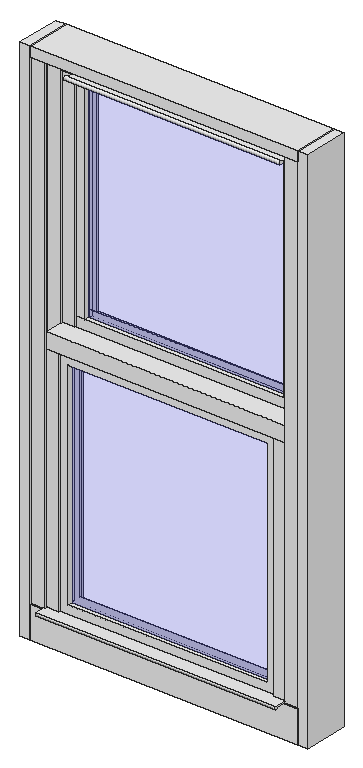
Revit family "Window-Single_&_Double_Hung-Kawneer-8450TL", category Windows, host Wall, Revit 2015 (continued)
Definition of nested family "Panel-Double_Hung-Kawneer-wo_Muntins-8450TL"
  Definition of nested family "Sash-Bottom_Hung-Kawneer-wo_Muntins-8450TL"
    Dimensions and locks (in)
      aligned and locked: Masking region 14 sketch curve to plane 11 "Glass Interior"
      aligned and locked: plane 29 "Window Holder Top Top" to Masking region 14 sketch curve
      aligned and locked: Masking region 1 sketch curve to plane 20 "Insert Left"
      aligned and locked: Masking region 1 sketch curve to plane 21 "Insert Right"
      aligned and locked: Masking region 15 sketch curve to plane 18 "Horizontal Left Edge"
      aligned and locked: Masking region 15 sketch curve to plane 8 "Top"  (x2)
      aligned and locked: plane 20 "Insert Left" to Masking region 15 sketch curve
      aligned and locked: plane 2 "Bottom" to Masking region 15 sketch curve  (x2)
      aligned and locked: plane 21 "Insert Right" to Masking region 15 sketch curve
      aligned and locked: plane 19 "Horizontal Right Edge" to Masking region 15 sketch curve
    Automatic sketch dimensions
      curve 2 to plane 15 "Wedge Bottom" = 0' - 0"
      curve 2 to plane 22 "Insert Top" = 0' - 0"
      Masking region 6 sketch curve to plane 31 "Window Top Inside Top" = 0' - 0"
      Masking region 6 sketch curve to plane 32 "Window Top Lip" = 0' - 0"
      Masking region 7 sketch curve to plane 22 "Insert Top" = 0' - 0"
      Masking region 8 sketch curve to plane 30 "Window Top Top" = 0' - 0"
      Masking region 10 sketch curve to plane 3 "Center (Left/Right)" = 0' - 3 5/16"
      plane 10 "Glass Exterior" to Masking region 10 sketch curve = 0' - 0 1/16"  (x2)
      Masking region 10 sketch curve to Masking region 10 sketch curve = 0' - 0 7/32"  (x4)
      Masking region 10 sketch curve to Masking region 10 sketch curve = 0' - 0 3/16"  (x2)
      plane 3 "Center (Left/Right)" to Masking region 10 sketch curve = 0' - 2 11/16"
      curve 1 to plane 25 "Right Grip Edge" = 0' - 0"
      curve 1 to plane 24 "Left Grip Edge" = 0' - 0"
    Nested families (in)
      nested 1: "Window-Hung-Arrows" at (0, 0, 12) x (1, 0, 0) z (0, -1, 0), type "Up Arrow"
        with Width 1' - 10 3/8"
    Definition of nested family "Window-Hung-Arrows"
      Parameters
        Width = 2' - 2"
        Height = 2' - 0"
      Reference planes (in)
        plane 1 "Center (Front/Back)": y = 0
        plane 2: z = 0
        plane 3 "Center (Left/Right)": x = 0
        plane 4 "Top": y = 12
        plane 5 "Bottom": y = -12
        plane 6 "Left": x = -13
        plane 7 "Right": x = 13
        plane 8 "Arrow Left": x = -6
        plane 9 "Arrow Right": x = 6
        plane 10 "Arrow Top": y = 6
        plane 11 "Arrow Bottom": y = -6
      Lines and regions (in)
        detail lines, in view "Ref. Level"
          curve 1: line (0, 6, 0) -> (0, -6, 0)
          curve 2: line (0, 6, 0) -> (-6, 0, 0)
          curve 3: line (0, 6, 0) -> (6, 0, 0)
      Dimensions and locks (in)
        equal spacing: plane 6 "Left", plane 3 "Center (Left/Right)", plane 7 "Right"
        "Width": plane 6 "Left" to plane 7 "Right"
        equal spacing: plane 5 "Bottom", plane 1 "Center (Front/Back)", plane 4 "Top"
        "Height": plane 5 "Bottom" to plane 4 "Top"
        locked: plane 4 "Top" to plane 10 "Arrow Top" at 6
        locked: plane 11 "Arrow Bottom" to plane 5 "Bottom" at 6
        locked: plane 6 "Left" to plane 8 "Arrow Left" at 7
        locked: plane 9 "Arrow Right" to plane 7 "Right" at 7
        aligned and locked: plane 10 "Arrow Top" to curve 3
        aligned and locked: plane 1 "Center (Front/Back)" to curve 3
        aligned and locked: plane 9 "Arrow Right" to curve 3
        aligned and locked: plane 3 "Center (Left/Right)" to curve 2
        aligned and locked: plane 1 "Center (Front/Back)" to curve 2
        aligned and locked: plane 8 "Arrow Left" to curve 2
      Automatic sketch dimensions
        curve 1 to plane 11 "Arrow Bottom" = 0' - 0"
Definition of nested family "Frame-Double_Hung-Kawneer-8450TL"
  Parameters
    Width [instance] = 2' - 2"
    URL = "http://www.kawneer.com/kawneer/north_america/en/home.asp"
    Sill Top [instance] = if([10 lbs Sill], 0' 2 29/32", 0' 4")  # 0' - 2 29/32"
    Muntin Visibility [instance] = yes
    Muntin Not Visible [instance] = not(Muntin Visibility)  # no
    Model = "8450TL Double Hung Window"
    Manufacturer = "Kawneer Company, Inc."
    Keynote = ""
    Height [instance] = 4' - 0"
    Glazing Material [instance] = none
    Frame Material [instance] = none
    Frame Finish [instance] = none
    Depth = 0' - 4"  # constant formula
    Assembly Code = ""
    15 lbs Sill [instance] = not([10 lbs Sill])  # no
    10 lbs Sill [instance] = yes
  Reference planes (in)
    plane 1 "Center (Front/Back)": y = 0.17187
    plane 2 "Bottom": z = 0
    plane 3 "Center (Left/Right)": x = 0
    plane 4 "Back": y = 2.17187
    plane 5 "Left": x = -13
    plane 6 "Right": x = 13
    plane 7 "L-Clip Bottom": y = -2.17188
    plane 8 "Top": z = 48
    plane 9 "Top Horizontal Frame": z = 47.0625
    plane 10 "Outside Frame Edge Left": x = -12.09375
    plane 11 "Outside Edge Frame Right": x = 12.09375
    plane 12 "Front": y = -1.82813
    plane 13 "Top Glass Frame Left": x = -9.75
    plane 14 "Top Glass Frame Right": x = 9.75
    plane 15 "Sill Back Left": x = -10.8125
    plane 16 "Back Sill Right": x = 10.8125
    plane 17 "Glass Left": x = -9.5
    plane 18 "Glass Right": x = 9.5
    plane 19 "Angle Point": z = 0.5625
    plane 20 "Middle Divider Bottom": z = 1.96875
    plane 21 "Hung Window Left": x = -11.1875
    plane 22 "Hung Window Right": x = 11.1875
    plane 23 "Single Hung Window Bottom": z = 1.59375
    plane 24 "Muntin Top": z = 46.3125
    plane 25 "Muntin Left": x = -9
    plane 26 "Muntin Right": x = 9
    plane 27 "Sill Back Top": z = 2.90625
    plane 28 "Sill Center Lip": z = 1.125
    plane 29 "Sill Bottom Lip": z = 0.46875
    plane 30 "Sill Corner": z = 0.65625
    plane 31 "Inside Frame Left": x = -10.53125
    plane 32 "Inside Frame Right": x = 10.53125
    plane 33 "Sill Inside Left": y = 1.92187
    plane 34 "Sill Insert Front": y = -0.57813
    plane 35 "Sill Front Face Inset": y = -0.51563
    plane 36 "Sill Front Face": y = -0.01563
    plane 37 "Sill Back Face": y = 0.26562
    plane 38 "L-Clip Left": x = -11.53125
    plane 39 "L-Clip Inside Left": x = -11.46875
    plane 40 "L-Clip Front Left": x = -10.9063
    plane 41 "L-Clip Inside Bottom": y = -2.10938
    plane 42 "L-Clip Right": x = 11.53125
    plane 43 "L-Clip Inside Right": x = 11.46875
    plane 44 "L-Clip Front Right": x = 10.9063
    plane 45 "Top Window Top": z = 46.75
    plane 46 "Clip Top": y = 2.10937
    plane 47 "Clip Bottom": y = -1.76563
    plane 48 "Top Window": y = -1.67188
    plane 49 "Top Window Frame Bottom": z = 45.6875
    plane 50 "Top Window Frame Right Side": y = 0.35937
    plane 51 "Middle Vertical Slot": y = 0.20312
    plane 52 "Glass Bottom": y = 0.82812
    plane 53 "Glass Top": y = 1.57812
    plane 54 "Frame Inside Top": y = 2.01562
    plane 55 "Window Frame": y = 1.76562
    plane 56 "Top Panel Frame Top": z = 45.37569
    plane 57 "Top Panel Inside Frame Top": z = 44.62569
    plane 58 "Top Panel Frame Bottom": z = 25.23438
    plane 59 "Top Panel Inside Frame Bottom": z = 25.99219
    plane 60 "Bottom Panel Inside Frame Top": z = 23.10937
    plane 61 "Bottom Panel Frame Top": z = 23.42188
    plane 62 "Bottom Panel Inside Frame Bottom": z = 3.50069
    plane 63 "Glass Front wo Muntins": y = 0.39141
    plane 64 "Glass Back wo Muntins": y = 1.39062
    plane 65: z = 24.17188
  Forms (in)
    Sweep 1, solid, material <- "Frame Finish", detail levels medium+fine
      path origin (0, 0.17187, 0) x (1, 0, 0) y (0, 0, 1)
        loop
          line (-12.09375, 48) -> (12.09375, 48)
      profile "Jamb-8430TL-Kawneer : Left Jamb" origin (0, 0.17187, 48) x (0, 0, 1) y (0, -1, 0)
        loop
          line (0, 2) -> (-0.90625, 2) -> (-0.90625, -2) -> (0, -2) -> (0, 2)
    Sweep 2, solid, material <- "Frame Finish", visible <- "10 lbs Sill", detail levels fine
      path origin (0, 0.17187, 0) x (1, 0, 0) y (0, 0, 1)
        loop
          line (-12.09375, 0) -> (12.09375, 0)
      profile "Sill-8430TL-Kawneer-10lb : Sill Front" origin (0, 0.17187, 0) x (0, 0, 1) y (0, -1, 0)
        loop
          line (0, 2) -> (0, -2) -> (2.90625, -2) -> (2.90625, -1.75) -> (1.59375, -1.75) -> (1.59375, 0) -> (1.96875, 0) -> (1.96875, 0.1875) -> (1.59375, 0.1875) -> (1.59375, 0.75) -> (1.125, 0.75) -> (1.125, 0.6875) -> (0.65625, 0.6875) -> (0.5625, 1.625) -> (0.5625, 1.9375) -> (0.46875, 1.9375) -> (0.46875, 2) -> (0, 2)
    Sweep 3, solid, material <- "Frame Finish", detail levels medium+fine
      path origin (0, 0.17187, 0) x (1, 0, 0) y (0, 0, 1)
        loop
          line (-13, 48) -> (-13, 0)
      profile "Jamb-8430TL-Kawneer : Left Jamb" origin (-13, 0.17187, 24) x (1, 0, 0) y (0, -1, 0)
        loop
          line (0, -2) -> (0.90625, -2) -> (0.90625, 2) -> (0, 2) -> (0, -2)
    Sweep 4, solid, material <- "Frame Finish", detail levels medium+fine
      path origin (0, 0.17187, 0) x (1, 0, 0) y (0, 0, 1)
        loop
          line (13, 48) -> (13, 0)
      profile "Jamb-8430TL-Kawneer : Left Jamb" origin (13, 0.17187, 24) x (1, 0, 0) y (0, -1, 0)
        loop
          line (0, -2) -> (0, 2) -> (-0.90625, 2) -> (-0.90625, -2) -> (0, -2)
    Sweep 5, solid, material <- "Frame Finish", detail levels medium+fine
      path origin (0, 0.17187, 0) x (1, 0, 0) y (0, 0, 1)
        loop
          line (-12.09375, 47.0625) -> (-12.09375, 0.5625)
      profile "Left Jamb Interior Front : Left Jamb Interior Front" origin (-12.09375, 0.17187, 23.8125) x (1, 0, 0) y (0, -1, 0)
        loop
          line (0, 1.9375) -> (0, 1.84375) -> (1.5625, 1.84375) -> (1.5625, 1.9375) -> (0, 1.9375)
    Sweep 6, solid, material <- "Frame Finish", detail levels medium+fine
      path origin (0, 0.17187, 0) x (-1, 0, 0) y (0, 0, 1)
        loop
          line (-12.09375, 47.0625) -> (-12.09375, 0.5625)
      profile "Left Jamb Interior Front : Left Jamb Interior Front" origin (12.09375, 0.17187, 23.8125) x (1, 0, 0) y (0, -1, 0)
        loop
          line (0, 1.9375) -> (-1.5625, 1.9375) -> (-1.5625, 1.84375) -> (0, 1.84375) -> (0, 1.9375)
    Sweep 7, solid, material <- "Frame Finish", detail levels fine
      path origin (0, 0.17187, 0) x (1, 0, 0) y (0, 0, 1)
        loop
          line (-12.09375, 47.0625) -> (-12.09375, 2.90625)
      profile "Left Jamb Interior : Left Jamb Interior" origin (-12.09375, 0.17187, 24.98438) x (1, 0, 0) y (0, -1, 0)
        loop
          line (0, -1.9375) -> (1.28125, -1.9375) -> (1.28125, -1.84375) -> (0, -1.84375) -> (0, -1.9375)
    Sweep 8, solid, material <- "Frame Finish", detail levels fine
      path origin (0, 0.20312, 0) x (-1, 0, 0) y (0, 0, 1)
        loop
          line (12.09375, 47.0625) -> (12.09375, 1.96875)
      profile "Left Jamb Interior : Left Jamb Interior" origin (-12.09375, 0.20312, 24.51563) x (-1, 0, 0) y (0, 1, 0)
        loop
          line (-1.28125, -0.03125) -> (0, -0.03125) -> (0, 0.0625) -> (-1.28125, 0.0625) -> (-1.28125, -0.03125)
    Sweep 9, solid, material <- "Frame Finish", detail levels fine
      path origin (0, 0.20312, 0) x (-1, 0, 0) y (0, 0, 1)
        loop
          line (-12.09375, 47.0625) -> (-12.09375, 1.96875)
      profile "Left Jamb Interior : Left Jamb Interior" origin (12.09375, 0.20312, 24.51563) x (-1, 0, 0) y (0, 1, 0)
        loop
          line (1.28125, -0.03125) -> (1.28125, 0.0625) -> (0, 0.0625) -> (0, -0.03125) -> (1.28125, -0.03125)
    Sweep 10, solid, material <- "Frame Finish", detail levels fine
      path origin (0, 0.17187, 0) x (-1, 0, 0) y (0, 0, 1)
        loop
          line (-12.09375, 47.0625) -> (-12.09375, 2.90625)
      profile "Left Jamb Interior : Left Jamb Interior" origin (12.09375, 0.17187, 24.98438) x (1, 0, 0) y (0, -1, 0)
        loop
          line (0, -1.9375) -> (0, -1.84375) -> (-1.28125, -1.84375) -> (-1.28125, -1.9375) -> (0, -1.9375)
    Extrusion 11, solid, material <- "Frame Finish", detail levels fine
      sketch origin (0, 0, 0) x (1, 0, 0) y (0, 1, 0)
        loop
          line (-11.53125, -1.76563) -> (-11.53125, -2.14063)
          arc (-11.53125, -2.14063) -> (-11.5221, -2.16272) -> (-11.5, -2.17188) r 0.03125
          line (-11.5, -2.17188) -> (-10.9375, -2.17188)
          arc (-10.9375, -2.17188) -> (-10.90625, -2.14063) -> (-10.9375, -2.10938) r 0.03125
          line (-10.9375, -2.10938) -> (-11.46875, -2.10938) -> (-11.46875, -1.76563) -> (-11.53125, -1.76563)
        loop
          line (11.53125, -1.76563) -> (11.46875, -1.76563) -> (11.46875, -2.10938) -> (10.9375, -2.10938)
          arc (10.9375, -2.10938) -> (10.90625, -2.14063) -> (10.9375, -2.17188) r 0.03125
          line (10.9375, -2.17188) -> (11.5, -2.17188)
          arc (11.5, -2.17188) -> (11.5221, -2.16272) -> (11.53125, -2.14063) r 0.03125
          line (11.53125, -2.14063) -> (11.53125, -1.76563)
      from 0.46875 to 47.0625
    Sweep 12, solid, material <- "Frame Finish", detail levels fine
      path origin (0, 0.17187, 0) x (1, 0, 0) y (0, 0, 1)
        loop
          line (10.8125, 47.0625) -> (-10.8125, 47.0625)
      profile origin (0, 0.17187, 47.0625) x (0, 0, -1) y (0, -1, 0)
        loop
          line (0, 0) -> (0, -0.09375) -> (1.375, -0.09375) -> (1.375, 0) -> (0, 0)
    Sweep 13, solid, material <- "Frame Finish", detail levels medium+fine
      path origin (0, 0.17187, 0) x (1, 0, 0) y (0, 0, 1)
        loop
          line (10.53125, 47.0625) -> (-10.53125, 47.0625)
      profile origin (0, 0.17187, 47.0625) x (0, 0, -1) y (0, -1, 0)
        loop
          line (0, 1.84375) -> (0.75, 1.84375) -> (0.75, 1.9375) -> (0, 1.9375) -> (0, 1.84375)
    Sweep 14, solid, material <- "Frame Finish", visible <- "15 lbs Sill", detail levels fine
      path origin (0, 0.17187, 0) x (1, 0, 0) y (0, 0, 1)
        loop
          line (-12.09375, 0) -> (12.09375, 0)
      profile "Sill-8430TL-Kawneer-15lb : Sill Front" origin (0, 0.17187, 0) x (0, 0, 1) y (0, -1, 0)
        loop
          line (0, 2) -> (0, -2) -> (4, -2) -> (4, -1.75) -> (2.6875, -1.75) -> (2.6875, 0) -> (3.0625, 0) -> (3.0625, 0.1875) -> (2.6875, 0.1875) -> (2.6875, 0.75) -> (2.21875, 0.75) -> (2.21875, 0.6875) -> (0.6875, 0.6875) -> (0.5625, 1.625) -> (0.5625, 1.9375) -> (0.46875, 1.9375) -> (0.46875, 2) -> (0, 2)
    Sweep 15, solid, material <- "Frame Finish", detail levels medium
      path origin (0, 0.17187, 0) x (1, 0, 0) y (0, 0, 1)
        loop
          line (-12.09375, 0) -> (12.09375, 0)
      profile origin (0, 0.17187, 0) x (0, 0, 1) y (0, -1, 0)
        loop
          line (1.59375, 2) -> (0, 2) -> (0, -2) -> (1.59375, -2) -> (1.59375, 2)
    Extrusion 16, solid, material <- "Frame Finish", detail levels coarse
      sketch origin (0, 0.17187, 0) x (1, 0, 0) y (0, 0, 1)
        loop
          line (-13, 48) -> (-13, 0) -> (13, 0) -> (13, 48) -> (-13, 48)
        loop
          line (-11.1875, 46.3125) -> (-11.1875, 1.59375) -> (11.1875, 1.59375) -> (11.1875, 46.3125) -> (-11.1875, 46.3125)
      from -2 to 2
  Lines and regions (in)
    Masking region 1
      outline origin (0, 0, 0) x (1, 0, 0) y (0, 1, 0)
        loop
          line (-13, 2.17187) -> (-13, -1.82813) -> (-12.09375, -1.82813) -> (-12.09375, 2.17187) -> (-13, 2.17187)
        loop
          line (13, 2.17187) -> (12.09375, 2.17187) -> (12.09375, -1.82813) -> (13, -1.82813) -> (13, 2.17187)
    Masking region 2, detail levels medium+fine
      outline origin (0, -1.82813, 0) x (-1, 0, 0) y (0, 0, 1)
        loop
          line (12.09375, 47.0625) -> (10.53125, 47.0625) -> (10.53125, 0.5625) -> (12.09375, 0.5625) -> (12.09375, 47.0625)
        loop
          line (-12.09375, 47.0625) -> (-12.09375, 0.5625) -> (-10.53125, 0.5625) -> (-10.53125, 47.0625) -> (-12.09375, 47.0625)
    Masking region 3, detail levels fine
      outline origin (0, -1.82813, 0) x (-1, 0, 0) y (0, 0, 1)
        loop
          line (10.53125, 47.0625) -> (9.75, 47.0625) -> (9.75, 1.59375) -> (10.53125, 1.59375) -> (10.53125, 47.0625)
        loop
          line (-10.53125, 47.0625) -> (-10.53125, 1.59375) -> (-9.75, 1.59375) -> (-9.75, 47.0625) -> (-10.53125, 47.0625)
    Masking region 4, detail levels medium+fine
      outline origin (0, -2.17188, 0) x (-1, 0, 0) y (0, 0, 1)
        loop
          line (13, 48) -> (12.09375, 48) -> (12.09375, 0) -> (13, 0) -> (13, 48)
        loop
          line (-13, 48) -> (-13, 0) -> (-12.09375, 0) -> (-12.09375, 48) -> (-13, 48)
    Masking region 5, detail levels medium+fine
      outline origin (0, -2.17188, 0) x (-1, 0, 0) y (0, 0, 1)
        loop
          line (12.09375, 48) -> (-12.09375, 48) -> (-12.09375, 47.0625) -> (12.09375, 47.0625) -> (12.09375, 48)
    Masking region 6
      outline origin (0, 0, 2.90625) x (-1, 0, 0) y (0, -1, 0)
        loop
          line (13, -2.17188) -> (13, 1.82812) -> (-13, 1.82812) -> (-13, -2.17188) -> (13, -2.17188)
    Masking region 7, detail levels fine
      outline origin (0, 0, 0) x (0, 1, 0) y (0, 0, 1)
        loop
          line (2.17187, 2.90625) -> (1.92187, 2.90625) -> (1.92187, 1.59375) -> (0.17187, 1.59375) -> (0.17187, 1.96875) -> (-0.01563, 1.96875) -> (-0.01563, 1.59375) -> (-0.57813, 1.59375) -> (-0.57813, 1.125) -> (-0.51563, 1.125) -> (-0.51562, 0.65625) -> (-1.45313, 0.5625) -> (-1.76563, 0.5625) -> (-1.76563, 0.46875) -> (-1.82813, 0.46875) -> (-1.82813, 0) -> (2.17187, 0) -> (2.17187, 2.90625)
    Masking region 8
      outline origin (0, 0, 0) x (0, 1, 0) y (0, 0, 1)
        loop
          line (2.17187, 48) -> (-1.82813, 48) -> (-1.82813, 0) -> (2.17187, 0) -> (2.17187, 48)
    Masking region 9
      outline origin (0, 0, 0) x (0, 1, 0) y (0, 0, 1)
        loop
          line (2.17187, 48) -> (-1.82813, 48) -> (-1.82813, 47.0625) -> (2.17187, 47.0625) -> (2.17187, 48)
    Masking region 10, visible <- "Muntin Visibility", detail levels fine
      outline origin (0, 0, 0) x (1, 0, 0) y (0, 1, 0)
        loop
          line (-12.09375, 2.01562) -> (-12.09375, 0.17187) -> (-10.8125, 0.17187) -> (-10.8125, 0.26562) -> (-9, 0.26562) -> (-9, 0.82812) -> (-9.5, 0.82812) -> (-9.5, 1.57812) -> (-9, 1.57812) -> (-9, 1.76562) -> (-9.75, 1.76562) -> (-9.75, 1.92187) -> (-10.8125, 1.92187) -> (-10.8125, 2.01562) -> (-12.09375, 2.01562)
        loop
          line (12.09375, 2.01562) -> (10.8125, 2.01562) -> (10.8125, 1.92187) -> (9.75, 1.92187) -> (9.75, 1.76562) -> (9, 1.76562) -> (9, 1.57812) -> (9.5, 1.57812) -> (9.5, 0.82812) -> (9, 0.82812) -> (9, 0.26562) -> (10.8125, 0.26562) -> (10.8125, 0.17187) -> (12.09375, 0.17187) -> (12.09375, 2.01562)
    Masking region 11, detail levels medium+fine
      outline origin (0, -1.82813, 0) x (-1, 0, 0) y (0, 0, 1)
        loop
          line (12.09375, 0.5625) -> (-12.09375, 0.5625) -> (-12.09375, 0) -> (12.09375, 0) -> (12.09375, 0.5625)
    Masking region 12, detail levels medium+fine
      outline origin (0, -1.82813, 0) x (-1, 0, 0) y (0, 0, 1)
        loop
          line (10.53125, 1.59375) -> (-10.53125, 1.59375) -> (-10.53125, 0.5625) -> (10.53125, 0.5625) -> (10.53125, 1.59375)
    Masking region 13, detail levels medium+fine
      outline origin (0, 2.17187, 0) x (-1, 0, 0) y (0, 0, 1)
        loop
          line (-12.09375, 1.96875) -> (-12.09375, 0) -> (12.09375, 0) -> (12.09375, 1.96875) -> (-12.09375, 1.96875)
    Masking region 14, detail levels fine
      outline origin (0, 2.17187, 0) x (-1, 0, 0) y (0, 0, 1)
        loop
          line (-12.09375, 1.96875) -> (-10.53125, 1.96875) -> (-10.53125, 47.0625) -> (-12.09375, 47.0625) -> (-12.09375, 1.96875)
        loop
          line (12.09375, 1.96875) -> (12.09375, 47.0625) -> (10.53125, 47.0625) -> (10.53125, 1.96875) -> (12.09375, 1.96875)
    Masking region 15, detail levels fine
      outline origin (0, 2.17187, 0) x (-1, 0, 0) y (0, 0, 1)
        loop
          line (-10.53125, 1.96875) -> (-9.75, 1.96875) -> (-9.75, 47.0625) -> (-10.53125, 47.0625) -> (-10.53125, 1.96875)
        loop
          line (10.53125, 1.96875) -> (10.53125, 47.0625) -> (9.75, 47.0625) -> (9.75, 1.96875) -> (10.53125, 1.96875)
    Masking region 16, detail levels medium
      outline origin (0, 0, 0) x (1, 0, 0) y (0, 1, 0)
        loop
          line (-12.09375, 2.01562) -> (-12.09375, 0.17187) -> (-10.8125, 0.17187) -> (-10.8125, 0.26562) -> (-9, 0.26562) -> (-9, 1.92187) -> (-9.75, 1.92187) -> (-10.8125, 1.92187) -> (-10.8125, 2.01562) -> (-12.09375, 2.01562)
        loop
          line (12.09375, 2.01562) -> (10.8125, 2.01562) -> (10.8125, 1.92187) -> (9.75, 1.92187) -> (9, 1.92187) -> (9, 0.26562) -> (10.8125, 0.26562) -> (10.8125, 0.17187) -> (12.09375, 0.17187) -> (12.09375, 2.01562)
    Masking region 17, detail levels fine
      outline origin (0, 0.17187, 0) x (1, 0, 0) y (0, 0, 1)
        loop
          line (-9.75, 47.0625) -> (-9.75, 46.75) -> (9.75, 46.75) -> (9.75, 47.0625) -> (-9.75, 47.0625)
    Masking region 18, detail levels coarse+medium
      outline origin (0, 0.17187, 0) x (1, 0, 0) y (0, 0, 1)
        loop
          line (-13, 48) -> (-13, 0) -> (13, 0) -> (13, 48) -> (-13, 48)
        loop
          line (-9, 44.625) -> (-9, 25.99219) -> (9, 25.99219) -> (9, 44.625) -> (-9, 44.625)
        loop
          line (-9, 23.10868) -> (-9, 3.50069) -> (9, 3.50069) -> (9, 23.10868) -> (-9, 23.10868)
    Masking region 19, detail levels coarse+medium
      outline origin (0, 0, 0) x (0, 1, 0) y (0, 0, 1)
        loop
          line (-1.82813, 1.59375) -> (-1.82813, 0) -> (2.17187, 0) -> (2.17187, 1.59375) -> (-1.82813, 1.59375)
    Masking region 20, detail levels medium
      outline origin (0, 0, 0) x (0, 1, 0) y (0, 0, 1)
        loop
          line (-1.67188, 25.23437) -> (-1.67188, 23.42187) -> (1.92187, 23.42187) -> (1.92187, 25.23437) -> (-1.67188, 25.23437)
    Masking region 21, detail levels medium
      outline origin (0, 0, 0) x (0, 1, 0) y (0, 0, 1)
        loop
          line (0.26562, 2.90625) -> (0.26562, 1.59375) -> (1.92187, 1.59375) -> (1.92187, 2.90625) -> (0.26562, 2.90625)
    Masking region 22, visible <- "Muntin Not Visible", detail levels fine
      outline origin (0, 0, 0) x (1, 0, 0) y (0, 1, 0)
        loop
          line (-12.09375, 1.92187) -> (-12.09375, 0.17187) -> (-10.8125, 0.17187) -> (-10.8125, 0.26562) -> (-9, 0.26562) -> (-9, 0.39141) -> (-9.5, 0.39141) -> (-9.5, 1.39062) -> (-9, 1.39062) -> (-9, 1.92187) -> (-12.09375, 1.92187)
        loop
          line (12.09375, 1.92187) -> (9, 1.92187) -> (9, 1.39062) -> (9.5, 1.39062) -> (9.5, 0.39141) -> (9, 0.39141) -> (9, 0.26562) -> (10.8125, 0.26562) -> (10.8125, 0.17187) -> (12.09375, 0.17187) -> (12.09375, 1.92187)
    symbolic lines, detail levels coarse
      curve 1: line (-12.09375, 0.17187, 0) -> (12.09375, 0.17187, 0)
      curve 4: line (0, 0.17187, 1.59375) -> (0, 0.17187, 47.0625)
    symbolic lines, detail levels medium
      curve 2: line (0, -0.57813, 45.6875) -> (0, -0.57813, 25.23438)
      curve 3: line (0, 0.82812, 23.42188) -> (0, 0.82812, 2.90625)
    symbolic lines, detail levels coarse+medium
      curve 5: line (-9.5, 0.17187, 45.37569) -> (9.5, 0.17187, 45.37569)
      curve 6: line (-9.5, 0.17187, 25.23438) -> (-9.5, 0.17187, 45.37569)
      curve 7: line (9.5, 0.17187, 25.23438) -> (-9.5, 0.17187, 25.23438)
      curve 8: line (9.5, 0.17187, 45.37569) -> (9.5, 0.17187, 25.23438)
      curve 9: line (-9.5, 0.17187, 23.42188) -> (9.5, 0.17187, 23.42188)
      curve 10: line (-9.5, 0.17187, 2.90625) -> (-9.5, 0.17187, 23.42188)
      curve 11: line (9.5, 0.17187, 2.90625) -> (-9.5, 0.17187, 2.90625)
      curve 12: line (9.5, 0.17187, 23.42188) -> (9.5, 0.17187, 2.90625)
  Dimensions and locks (in)
    equal spacing: plane 4 "Back", plane 1 "Center (Front/Back)", plane 12 "Front"
    "Height": plane 8 "Top" to plane 2 "Bottom"
    locked: plane 18 "Glass Right" to plane 14 "Top Glass Frame Right" at 0.25
    locked: plane 26 "Muntin Right" to plane 18 "Glass Right" at 0.5
    "Depth": plane 4 "Back" to plane 12 "Front"
    locked: plane 9 "Top Horizontal Frame" to plane 45 "Top Window Top" at 0.3125
    locked: plane 8 "Top" to plane 9 "Top Horizontal Frame" at 0.9375
    locked: plane 45 "Top Window Top" to plane 24 "Muntin Top" at 0.4375
    locked: plane 29 "Sill Bottom Lip" to plane 2 "Bottom" at 0.46875
    plane 19 "Angle Point" to plane 29 "Sill Bottom Lip" = 0' - 0 3/32"
    locked: plane 30 "Sill Corner" to plane 19 "Angle Point" at 0.09375
    "Width": plane 5 "Left" to plane 6 "Right"
    locked: plane 14 "Top Glass Frame Right" to plane 32 "Inside Frame Right" at 0.78125
    locked: plane 32 "Inside Frame Right" to plane 16 "Back Sill Right" at 0.28125
    locked: plane 16 "Back Sill Right" to plane 44 "L-Clip Front Right" at 0.0938
    locked: plane 44 "L-Clip Front Right" to plane 22 "Hung Window Right" at 0.2812
    locked: plane 43 "L-Clip Inside Right" to plane 22 "Hung Window Right" at 0.28125
    locked: plane 43 "L-Clip Inside Right" to plane 42 "L-Clip Right" at 0.0625
    locked: plane 42 "L-Clip Right" to plane 11 "Outside Edge Frame Right" at 0.5625
    locked: plane 10 "Outside Frame Edge Left" to plane 38 "L-Clip Left" at 0.5625
    locked: plane 38 "L-Clip Left" to plane 39 "L-Clip Inside Left" at 0.0625
    locked: plane 39 "L-Clip Inside Left" to plane 21 "Hung Window Left" at 0.28125
    locked: plane 21 "Hung Window Left" to plane 40 "L-Clip Front Left" at 0.2812
    locked: plane 40 "L-Clip Front Left" to plane 15 "Sill Back Left" at 0.0938
    locked: plane 15 "Sill Back Left" to plane 31 "Inside Frame Left" at 0.28125
    locked: plane 31 "Inside Frame Left" to plane 13 "Top Glass Frame Left" at 0.78125
    locked: plane 13 "Top Glass Frame Left" to plane 17 "Glass Left" at 0.25
    locked: plane 17 "Glass Left" to plane 25 "Muntin Left" at 0.5
    locked: plane 24 "Muntin Top" to plane 49 "Top Window Frame Bottom" at 0.625
    locked: plane 41 "L-Clip Inside Bottom" to plane 7 "L-Clip Bottom" at 0.0625
    locked: plane 12 "Front" to plane 41 "L-Clip Inside Bottom" at 0.28125
    locked: plane 47 "Clip Bottom" to plane 12 "Front" at 0.0625
    locked: plane 35 "Sill Front Face Inset" to plane 34 "Sill Insert Front" at 0.0625
    plane 36 "Sill Front Face" to plane 35 "Sill Front Face Inset" = 0' - 0 1/2"
    locked: plane 37 "Sill Back Face" to plane 51 "Middle Vertical Slot" at 0.0625
    locked: plane 50 "Top Window Frame Right Side" to plane 37 "Sill Back Face" at 0.09375
    locked: plane 33 "Sill Inside Left" to plane 50 "Top Window Frame Right Side" at 1.5625
    locked: plane 46 "Clip Top" to plane 33 "Sill Inside Left" at 0.1875
    locked: plane 4 "Back" to plane 46 "Clip Top" at 0.0625
    locked: plane 48 "Top Window" to plane 47 "Clip Bottom" at 0.09375
    locked: plane 34 "Sill Insert Front" to plane 48 "Top Window" at 1.09375
    "Sill Top": plane 27 "Sill Back Top" to plane 2 "Bottom"
    locked: plane 53 "Glass Top" to plane 52 "Glass Bottom" at 0.75
    locked: plane 54 "Frame Inside Top" to plane 33 "Sill Inside Left" at 0.09375
    locked: plane 54 "Frame Inside Top" to plane 55 "Window Frame" at 0.25
    locked: plane 59 "Top Panel Inside Frame Bottom" to plane 58 "Top Panel Frame Bottom" at 0.75781
    locked: plane 61 "Bottom Panel Frame Top" to plane 60 "Bottom Panel Inside Frame Top" at 0.3125
    locked: plane 56 "Top Panel Frame Top" to plane 57 "Top Panel Inside Frame Top" at 0.75
    locked: plane 62 "Bottom Panel Inside Frame Bottom" to plane 27 "Sill Back Top" at 0.59444
    locked: plane 4 "Back" to plane 64 "Glass Back wo Muntins" at 0.78125
    locked: plane 64 "Glass Back wo Muntins" to plane 63 "Glass Front wo Muntins" at 0.99922
    equal spacing: plane 6 "Right", plane 3 "Center (Left/Right)", plane 5 "Left"
    locked: plane 5 "Left" to plane 10 "Outside Frame Edge Left" at 0.90625
    locked: plane 11 "Outside Edge Frame Right" to plane 6 "Right" at 0.90625
    locked: plane 8 "Top" to plane 57 "Top Panel Inside Frame Top" at 3.37431
    equal spacing: plane 45 "Top Window Top", plane 65, plane 23 "Single Hung Window Bottom"
    locked: plane 58 "Top Panel Frame Bottom" to plane 65 at 1.0625
    locked: plane 65 to plane 61 "Bottom Panel Frame Top" at 0.75
    locked: plane 27 "Sill Back Top" to plane 20 "Middle Divider Bottom" at 0.9375
    locked: plane 20 "Middle Divider Bottom" to plane 23 "Single Hung Window Bottom" at 0.375
    locked: plane 23 "Single Hung Window Bottom" to plane 28 "Sill Center Lip" at 0.46875
    aligned and locked: level to plane 2 "Bottom"
    aligned and locked: Sweep 1 sketch curve to plane 8 "Top"
    aligned and locked: plane 10 "Outside Frame Edge Left" to Sweep 1 sketch curve
    aligned and locked: plane 11 "Outside Edge Frame Right" to Sweep 1 sketch curve
    aligned and locked: plane 10 "Outside Frame Edge Left" to Sweep 2 sketch curve
    aligned and locked: plane 11 "Outside Edge Frame Right" to Sweep 2 sketch curve
    aligned and locked: Sweep 2 sketch curve to plane 2 "Bottom"
    aligned and locked: plane 8 "Top" to Sweep 3 sketch curve
    aligned and locked: plane 2 "Bottom" to Sweep 3 sketch curve
    aligned and locked: plane 5 "Left" to Sweep 3 sketch curve
    aligned and locked: plane 8 "Top" to Sweep 4 sketch curve
    aligned and locked: plane 2 "Bottom" to Sweep 4 sketch curve
    aligned and locked: plane 6 "Right" to Sweep 4 sketch curve
    aligned and locked: plane 9 "Top Horizontal Frame" to Sweep 5 sketch curve
    aligned and locked: plane 19 "Angle Point" to Sweep 5 sketch curve
    aligned and locked: plane 10 "Outside Frame Edge Left" to Sweep 5 sketch curve
    aligned and locked: plane 19 "Angle Point" to Sweep 6 sketch curve
    aligned and locked: plane 9 "Top Horizontal Frame" to Sweep 6 sketch curve
    aligned and locked: plane 11 "Outside Edge Frame Right" to Sweep 6 sketch curve
    aligned and locked: plane 9 "Top Horizontal Frame" to Sweep 7 sketch curve
    aligned and locked: plane 10 "Outside Frame Edge Left" to Sweep 7 sketch curve
    aligned and locked: plane 9 "Top Horizontal Frame" to Sweep 8 sketch curve
    aligned and locked: plane 20 "Middle Divider Bottom" to Sweep 8 sketch curve
    aligned and locked: plane 10 "Outside Frame Edge Left" to Sweep 8 sketch curve
    aligned and locked: plane 9 "Top Horizontal Frame" to Sweep 9 sketch curve
    aligned and locked: plane 20 "Middle Divider Bottom" to Sweep 9 sketch curve
    aligned and locked: plane 11 "Outside Edge Frame Right" to Sweep 9 sketch curve
    aligned and locked: Masking region 1 sketch curve to plane 4 "Back"
    aligned and locked: Masking region 1 sketch curve to plane 5 "Left"
    aligned and locked: plane 10 "Outside Frame Edge Left" to Masking region 1 sketch curve
    aligned and locked: plane 12 "Front" to Masking region 1 sketch curve
    aligned and locked: plane 4 "Back" to Masking region 1 sketch curve
    aligned and locked: plane 11 "Outside Edge Frame Right" to Masking region 1 sketch curve
    aligned and locked: Masking region 1 sketch curve to plane 12 "Front"
    aligned and locked: Masking region 1 sketch curve to plane 6 "Right"
    aligned and locked: Masking region 2 sketch curve to plane 10 "Outside Frame Edge Left"
    aligned and locked: Masking region 2 sketch curve to plane 9 "Top Horizontal Frame"
    aligned and locked: plane 9 "Top Horizontal Frame" to Masking region 2 sketch curve
    aligned and locked: Masking region 2 sketch curve to plane 11 "Outside Edge Frame Right"
    aligned and locked: plane 31 "Inside Frame Left" to Masking region 2 sketch curve
    aligned and locked: plane 32 "Inside Frame Right" to Masking region 2 sketch curve
    aligned and locked: Masking region 3 sketch curve to plane 31 "Inside Frame Left"
    aligned and locked: plane 13 "Top Glass Frame Left" to Masking region 3 sketch curve
    aligned and locked: Masking region 3 sketch curve to plane 9 "Top Horizontal Frame"
    aligned and locked: plane 9 "Top Horizontal Frame" to Masking region 3 sketch curve
    aligned and locked: plane 14 "Top Glass Frame Right" to Masking region 3 sketch curve
    aligned and locked: Masking region 3 sketch curve to plane 32 "Inside Frame Right"
    aligned and locked: Masking region 4 sketch curve to plane 5 "Left"
    aligned and locked: plane 10 "Outside Frame Edge Left" to Masking region 4 sketch curve
    aligned and locked: plane 2 "Bottom" to Masking region 4 sketch curve
    aligned and locked: Masking region 4 sketch curve to plane 8 "Top"
    aligned and locked: plane 8 "Top" to Masking region 4 sketch curve
    aligned and locked: Masking region 4 sketch curve to plane 6 "Right"
    aligned and locked: plane 11 "Outside Edge Frame Right" to Masking region 4 sketch curve
    aligned and locked: Masking region 4 sketch curve to plane 2 "Bottom"
    aligned and locked: Masking region 5 sketch curve to plane 8 "Top"
    aligned and locked: plane 9 "Top Horizontal Frame" to Masking region 5 sketch curve
    aligned and locked: plane 11 "Outside Edge Frame Right" to Masking region 5 sketch curve
    aligned and locked: Masking region 5 sketch curve to plane 10 "Outside Frame Edge Left"
    aligned and locked: plane 27 "Sill Back Top" to Sweep 7 sketch curve
    aligned and locked: plane 27 "Sill Back Top" to Sweep 10 sketch curve
    aligned and locked: Masking region 6 sketch curve to Sweep 3  (x2)
    aligned and locked: Sweep 4 to Masking region 6 sketch curve
    aligned and locked: Masking region 6 sketch curve to Sweep 4
    aligned and locked: plane 2 "Bottom" to Masking region 7 sketch curve
    aligned and locked: plane 12 "Front" to Masking region 7 sketch curve
    aligned and locked: plane 29 "Sill Bottom Lip" to Masking region 7 sketch curve
    aligned and locked: plane 35 "Sill Front Face Inset" to Masking region 7 sketch curve
    aligned and locked: plane 28 "Sill Center Lip" to Masking region 7 sketch curve
    aligned and locked: plane 34 "Sill Insert Front" to Masking region 7 sketch curve
    aligned and locked: Masking region 7 sketch curve to plane 23 "Single Hung Window Bottom"  (x2)
    aligned and locked: plane 36 "Sill Front Face" to Masking region 7 sketch curve
    aligned and locked: Masking region 7 sketch curve to plane 20 "Middle Divider Bottom"
    aligned and locked: plane 30 "Sill Corner" to Masking region 7 sketch curve
    aligned and locked: Masking region 7 sketch curve to Sweep 2  (x2)
    aligned and locked: Masking region 7 sketch curve to plane 27 "Sill Back Top"
    aligned and locked: Masking region 7 sketch curve to plane 4 "Back"
    aligned and locked: plane 33 "Sill Inside Left" to Masking region 7 sketch curve
    aligned and locked: Sweep 3 to Masking region 8 sketch curve
    aligned and locked: Masking region 8 sketch curve to Sweep 1
    aligned and locked: Sweep 2 to Masking region 8 sketch curve
    aligned and locked: Masking region 8 sketch curve to Sweep 3
    aligned and locked: plane 12 "Front" to Masking region 9 sketch curve
    aligned and locked: Masking region 9 sketch curve to plane 8 "Top"
    aligned and locked: Masking region 9 sketch curve to plane 4 "Back"
    aligned and locked: Sweep 7 to Masking region 10 sketch curve
    aligned and locked: Masking region 10 sketch curve to Sweep 7
    aligned and locked: plane 19 "Angle Point" to Masking region 2 sketch curve
    aligned and locked: Masking region 2 sketch curve to plane 19 "Angle Point"
    aligned and locked: Masking region 11 sketch curve to Sweep 5
    aligned and locked: Sweep 4 to Masking region 11 sketch curve
    aligned and locked: Masking region 11 sketch curve to Sweep 4
    aligned and locked: Masking region 11 sketch curve to plane 10 "Outside Frame Edge Left"
    aligned and locked: plane 23 "Single Hung Window Bottom" to Masking region 3 sketch curve
    aligned and locked: Masking region 3 sketch curve to plane 23 "Single Hung Window Bottom"
    aligned and locked: Masking region 12 sketch curve to Masking region 3
    aligned and locked: Sweep 6 to Masking region 12 sketch curve
    aligned and locked: Masking region 12 sketch curve to Sweep 6
    aligned and locked: Masking region 12 sketch curve to plane 31 "Inside Frame Left"
    aligned and locked: Masking region 13 sketch curve to Sweep 2
    aligned and locked: Sweep 3 to Masking region 13 sketch curve
    aligned and locked: plane 11 "Outside Edge Frame Right" to Masking region 13 sketch curve
    aligned and locked: Sweep 10 to Masking region 14 sketch curve
    aligned and locked: Sweep 6 to Masking region 14 sketch curve  (x2)
    aligned and locked: Masking region 14 sketch curve to plane 9 "Top Horizontal Frame"
    aligned and locked: plane 31 "Inside Frame Left" to Masking region 14 sketch curve
    aligned and locked: Masking region 14 sketch curve to plane 10 "Outside Frame Edge Left"
    aligned and locked: Masking region 15 sketch curve to Masking region 14
    aligned and locked: Masking region 14 to Masking region 15 sketch curve
    aligned and locked: Masking region 15 sketch curve to Masking region 3
    aligned and locked: Masking region 3 to Masking region 15 sketch curve
    aligned and locked: Masking region 15 sketch curve to plane 9 "Top Horizontal Frame"
    aligned and locked: plane 13 "Top Glass Frame Left" to Masking region 15 sketch curve
    aligned and locked: Masking region 15 sketch curve to plane 31 "Inside Frame Left"
    aligned and locked: plane 9 "Top Horizontal Frame" to Extrusion 11
    aligned and locked: Extrusion 11 to plane 29 "Sill Bottom Lip"
    aligned and locked: plane 43 "L-Clip Inside Right" to Extrusion 11 sketch curve
    aligned and locked: plane 42 "L-Clip Right" to Extrusion 11 sketch curve
    aligned and locked: plane 41 "L-Clip Inside Bottom" to Extrusion 11 sketch curve
    aligned and locked: Extrusion 11 sketch curve to plane 7 "L-Clip Bottom"
    aligned and locked: plane 38 "L-Clip Left" to Extrusion 11 sketch curve
    aligned and locked: plane 39 "L-Clip Inside Left" to Extrusion 11 sketch curve
    aligned and locked: plane 7 "L-Clip Bottom" to Extrusion 11 sketch curve
    aligned and locked: Extrusion 11 sketch curve to plane 41 "L-Clip Inside Bottom"
    aligned and locked: Sweep 12 sketch curve to plane 9 "Top Horizontal Frame"
    aligned and locked: plane 16 "Back Sill Right" to Sweep 12 sketch curve
    aligned and locked: plane 15 "Sill Back Left" to Sweep 12 sketch curve
    aligned and locked: Sweep 12 sketch curve to profile plane  (x2)
    aligned and locked: Sweep 12 sketch curve to plane 37 "Sill Back Face"
    aligned and locked: plane 49 "Top Window Frame Bottom" to Sweep 12 sketch curve
    aligned and locked: Sweep 13 sketch curve to plane 9 "Top Horizontal Frame"  (x2)
    aligned and locked: plane 24 "Muntin Top" to Sweep 13 sketch curve
    aligned and locked: Sweep 13 sketch curve to plane 47 "Clip Bottom"
    aligned and locked: plane 31 "Inside Frame Left" to Sweep 13 sketch curve
    aligned and locked: plane 32 "Inside Frame Right" to Sweep 13 sketch curve
    aligned and locked: plane 48 "Top Window" to Sweep 13 sketch curve
    aligned and locked: Sweep 14 sketch curve to plane 2 "Bottom"
    aligned and locked: plane 10 "Outside Frame Edge Left" to Sweep 14 sketch curve
    aligned and locked: plane 11 "Outside Edge Frame Right" to Sweep 14 sketch curve
    aligned and locked: Masking region 10 sketch curve to plane 10 "Outside Frame Edge Left"
    aligned and locked: Masking region 10 sketch curve to plane 33 "Sill Inside Left"
    aligned and locked: plane 13 "Top Glass Frame Left" to Masking region 10 sketch curve
    aligned and locked: Masking region 10 sketch curve to plane 52 "Glass Bottom"
    aligned and locked: plane 17 "Glass Left" to Masking region 10 sketch curve
    aligned and locked: plane 25 "Muntin Left" to Masking region 10 sketch curve  (x2)
    aligned and locked: Masking region 10 sketch curve to plane 1 "Center (Front/Back)"
    aligned and locked: plane 15 "Sill Back Left" to Masking region 10 sketch curve
    aligned and locked: plane 53 "Glass Top" to Masking region 10 sketch curve
    aligned and locked: plane 1 "Center (Front/Back)" to Sweep 9
    aligned and locked: plane 11 "Outside Edge Frame Right" to curve 1
    aligned and locked: plane 10 "Outside Frame Edge Left" to curve 1
    aligned and locked: plane 54 "Frame Inside Top" to Masking region 10 sketch curve
    aligned and locked: plane 16 "Back Sill Right" to Masking region 10 sketch curve  (x2)
    aligned and locked: plane 1 "Center (Front/Back)" to Masking region 10 sketch curve
    aligned and locked: Masking region 10 sketch curve to plane 37 "Sill Back Face"
    aligned and locked: plane 26 "Muntin Right" to Masking region 10 sketch curve  (x2)
    aligned and locked: plane 52 "Glass Bottom" to Masking region 10 sketch curve
    aligned and locked: plane 18 "Glass Right" to Masking region 10 sketch curve
    aligned and locked: Masking region 10 sketch curve to plane 53 "Glass Top"
    aligned and locked: plane 55 "Window Frame" to Masking region 10 sketch curve
    aligned and locked: plane 14 "Top Glass Frame Right" to Masking region 10 sketch curve
    aligned and locked: plane 33 "Sill Inside Left" to Masking region 10 sketch curve
    aligned and locked: Masking region 10 sketch curve to plane 11 "Outside Edge Frame Right"
    aligned and locked: plane 54 "Frame Inside Top" to Masking region 16 sketch curve
    aligned and locked: plane 16 "Back Sill Right" to Masking region 16 sketch curve  (x2)
    aligned and locked: plane 33 "Sill Inside Left" to Masking region 16 sketch curve
    aligned and locked: plane 26 "Muntin Right" to Masking region 16 sketch curve
    aligned and locked: Masking region 16 sketch curve to plane 37 "Sill Back Face"
    aligned and locked: plane 1 "Center (Front/Back)" to Masking region 16 sketch curve
    aligned and locked: Masking region 16 sketch curve to plane 11 "Outside Edge Frame Right"
    aligned and locked: Masking region 17 sketch curve to plane 9 "Top Horizontal Frame"
    aligned and locked: Masking region 17 sketch curve to plane 13 "Top Glass Frame Left"
    aligned and locked: plane 14 "Top Glass Frame Right" to Masking region 17 sketch curve
    aligned and locked: plane 45 "Top Window Top" to Masking region 17 sketch curve
    aligned and locked: Sweep 3 to Masking region 18 sketch curve
    aligned and locked: Masking region 18 sketch curve to Sweep 3
    aligned and locked: Masking region 18 sketch curve to Sweep 4  (x2)
    aligned and locked: plane 26 "Muntin Right" to Masking region 18 sketch curve  (x2)
    aligned and locked: plane 25 "Muntin Left" to Masking region 18 sketch curve
    aligned and locked: plane 62 "Bottom Panel Inside Frame Bottom" to Masking region 18 sketch curve
    aligned and locked: plane 20 "Middle Divider Bottom" to Masking region 13 sketch curve
    aligned and locked: Masking region 14 sketch curve to plane 20 "Middle Divider Bottom"
    aligned and locked: plane 20 "Middle Divider Bottom" to Masking region 14 sketch curve
    aligned and locked: Masking region 15 sketch curve to plane 20 "Middle Divider Bottom"
    aligned and locked: Masking region 19 sketch curve to plane 23 "Single Hung Window Bottom"
    aligned and locked: Masking region 19 sketch curve to plane 4 "Back"
    aligned and locked: plane 12 "Front" to Masking region 19 sketch curve
    aligned and locked: plane 2 "Bottom" to Masking region 19 sketch curve
    aligned and locked: plane 48 "Top Window" to Masking region 20 sketch curve
    aligned and locked: Masking region 20 sketch curve to plane 33 "Sill Inside Left"
    aligned and locked: Masking region 20 sketch curve to plane 58 "Top Panel Frame Bottom"
    aligned and locked: plane 61 "Bottom Panel Frame Top" to Masking region 20 sketch curve
    aligned and locked: plane 58 "Top Panel Frame Bottom" to curve 2
    aligned and locked: curve 2 to plane 34 "Sill Insert Front"
    aligned and locked: plane 61 "Bottom Panel Frame Top" to curve 3
    aligned and locked: plane 23 "Single Hung Window Bottom" to Masking region 21 sketch curve
    aligned and locked: Masking region 21 sketch curve to plane 33 "Sill Inside Left"
    aligned and locked: plane 37 "Sill Back Face" to Masking region 21 sketch curve
    aligned and locked: Masking region 21 sketch curve to plane 27 "Sill Back Top"
    aligned and locked: plane 27 "Sill Back Top" to curve 3
    aligned and locked: curve 3 to plane 52 "Glass Bottom"
    aligned and locked: plane 23 "Single Hung Window Bottom" to curve 4
    aligned and locked: curve 4 to plane 1 "Center (Front/Back)"
    aligned and locked: curve 9 to plane 61 "Bottom Panel Frame Top"
    aligned and locked: plane 18 "Glass Right" to curve 12
    aligned and locked: plane 27 "Sill Back Top" to curve 11
    aligned and locked: curve 10 to plane 17 "Glass Left"
    aligned and locked: curve 6 to plane 17 "Glass Left"
    aligned and locked: plane 58 "Top Panel Frame Bottom" to curve 7
    aligned and locked: plane 18 "Glass Right" to curve 8
    aligned and locked: curve 5 to plane 56 "Top Panel Frame Top"
    aligned and locked: plane 10 "Outside Frame Edge Left" to Sweep 15 sketch curve
    aligned and locked: plane 11 "Outside Edge Frame Right" to Sweep 15 sketch curve
    aligned and locked: Sweep 15 sketch curve to plane 2 "Bottom"
    aligned and locked: plane 2 "Bottom" to Sweep 15 sketch curve
    aligned and locked: Sweep 15 sketch curve to plane 4 "Back"
    aligned and locked: plane 12 "Front" to Sweep 15 sketch curve
    aligned and locked: Sweep 15 sketch curve to plane 23 "Single Hung Window Bottom"
    aligned and locked: Masking region 22 sketch curve to plane 10 "Outside Frame Edge Left"
    aligned and locked: Masking region 22 sketch curve to plane 33 "Sill Inside Left"
    aligned and locked: plane 25 "Muntin Left" to Masking region 22 sketch curve  (x2)
    aligned and locked: Masking region 22 sketch curve to plane 1 "Center (Front/Back)"
    aligned and locked: plane 15 "Sill Back Left" to Masking region 22 sketch curve
    aligned and locked: plane 37 "Sill Back Face" to Masking region 22 sketch curve
    aligned and locked: Masking region 22 sketch curve to plane 11 "Outside Edge Frame Right"
    aligned and locked: plane 1 "Center (Front/Back)" to Masking region 22 sketch curve
    aligned and locked: plane 16 "Back Sill Right" to Masking region 22 sketch curve
    aligned and locked: Masking region 22 sketch curve to plane 37 "Sill Back Face"
    aligned and locked: plane 33 "Sill Inside Left" to Masking region 22 sketch curve
    aligned and locked: plane 26 "Muntin Right" to Masking region 22 sketch curve  (x2)
    aligned and locked: plane 64 "Glass Back wo Muntins" to Masking region 22 sketch curve
    aligned and locked: plane 17 "Glass Left" to Masking region 22 sketch curve
    aligned and locked: Masking region 22 sketch curve to plane 63 "Glass Front wo Muntins"
    aligned and locked: Masking region 22 sketch curve to plane 64 "Glass Back wo Muntins"
    aligned and locked: plane 18 "Glass Right" to Masking region 22 sketch curve
    aligned and locked: plane 63 "Glass Front wo Muntins" to Masking region 22 sketch curve
    aligned and locked: plane 47 "Clip Bottom" to Extrusion 11
    aligned and locked: Extrusion 16 sketch curve to plane 8 "Top"
    aligned and locked: Extrusion 16 sketch curve to plane 24 "Muntin Top"
    aligned and locked: Extrusion 16 sketch curve to plane 21 "Hung Window Left"
    aligned and locked: Extrusion 16 sketch curve to plane 5 "Left"
    aligned and locked: Extrusion 16 sketch curve to plane 22 "Hung Window Right"
    aligned and locked: plane 6 "Right" to Extrusion 16 sketch curve
    aligned and locked: plane 23 "Single Hung Window Bottom" to Extrusion 16 sketch curve
    aligned and locked: plane 2 "Bottom" to Extrusion 16 sketch curve
    aligned and locked: plane 4 "Back" to Extrusion 16
    aligned and locked: Extrusion 16 to plane 12 "Front"
    aligned and locked: Masking region 18 sketch curve to plane 25 "Muntin Left"  (x2)
    aligned and locked: plane 59 "Top Panel Inside Frame Bottom" to Masking region 18 sketch curve
    aligned and locked: Masking region 9 sketch curve to plane 9 "Top Horizontal Frame"
    aligned and locked: plane 9 "Top Horizontal Frame" to curve 4
    aligned and locked: plane 49 "Top Window Frame Bottom" to curve 2
  Automatic sketch dimensions
    Sweep 10 sketch curve to plane 11 "Outside Edge Frame Right" = 0' - 0"
    Sweep 10 sketch curve to plane 9 "Top Horizontal Frame" = 0' - 0"
    Masking region 7 sketch curve to plane 19 "Angle Point" = 0' - 0"
    Extrusion 11 sketch curve to Extrusion 11 sketch curve = 0' - 0 1/32"  (x2)
    plane 15 "Sill Back Left" to Extrusion 11 sketch curve = 0' - 0 1/8"
    Extrusion 11 sketch curve to plane 16 "Back Sill Right" = 0' - 0 1/8"
    plane 12 "Front" to Masking region 7 sketch curve = 0' - 0 1/16"
    plane 12 "Front" to Extrusion 11 sketch curve = 0' - 0 1/16"  (x2)
    curve 1 to plane 1 "Center (Front/Back)" = 0' - 0"
    Masking region 10 sketch curve to plane 15 "Sill Back Left" = 0' - 0"
    Masking region 10 sketch curve to plane 37 "Sill Back Face" = 0' - 0"
    Masking region 10 sketch curve to plane 55 "Window Frame" = 0' - 0"
    Masking region 16 sketch curve to plane 10 "Outside Frame Edge Left" = 0' - 0"
    Masking region 16 sketch curve to plane 15 "Sill Back Left" = 0' - 0"  (x2)
    Masking region 16 sketch curve to plane 1 "Center (Front/Back)" = 0' - 0"
    Masking region 16 sketch curve to plane 13 "Top Glass Frame Left" = 0' - 0"
    Masking region 16 sketch curve to plane 25 "Muntin Left" = 0' - 0"
    Masking region 16 sketch curve to plane 14 "Top Glass Frame Right" = 0' - 0"
    Masking region 16 sketch curve to plane 37 "Sill Back Face" = 0' - 0"
    Masking region 16 sketch curve to plane 33 "Sill Inside Left" = 0' - 0"
    Masking region 16 sketch curve to plane 54 "Frame Inside Top" = 0' - 0"
    Masking region 18 sketch curve to plane 57 "Top Panel Inside Frame Top" = 0' - 0.00069"
    Masking region 18 sketch curve to plane 60 "Bottom Panel Inside Frame Top" = 0' - 0.00069"
Definition of nested family "Panel-Fixed-Kawneer-w_Muntins-8410TL"
  Parameters
    Width [instance] = 3' - 0"
    Symbol Width [instance] = if(1 = 1, Width - 0' 2", 1' 0")  # 2' - 10"
    Symbol Height [instance] = if(1 = 1, Height - 0' 2", 1' 0")  # 2' - 10"
    Height [instance] = 3' - 0"
    Glazing Material [instance] = none
    Frame Material [instance] = none
    Frame Finish [instance] = none
    Depth = 0' - 4"  # constant formula
    Assembly Code = ""
  Reference planes (in)
    plane 1 "Center (Front/Back)": y = 1.28125
    plane 2 "Bottom": z = 0
    plane 3 "Center (Left/Right)": x = 0
    plane 4 "Left": x = 18
    plane 5 "Right": x = -18
    plane 6 "Top": z = 36
    plane 7 "Center (Top/Bottom)": z = 18
    plane 8 "Muntin Front": y = -0.5625
    plane 9 "Glass Front": y = -0.1875
    plane 10 "Glass Back": y = 0.5625
    plane 11 "Glass Center": y = 0.1875
    plane 12 "Vertical Muntin One": x = -6.14583
    plane 13 "Vertical Muntin One Right": x = -5.52083
    plane 14: z = 18.3125
    plane 15: z = 17.6875
    plane 16 "Glass Line Left": x = -17.5
    plane 17 "Glass Line Right": x = 17.5
    plane 18 "Glass Line Top": z = 35.5
    plane 19 "Glass Line Bottom": z = 0.49088
    plane 20 "Vertical Muntin One Middle": x = -5.83333
    plane 21: x = 5.52083
    plane 22: x = 6.14583
    plane 23: x = 5.83333
    plane 24 "Back": y = 3.03125
    plane 25 "Front": y = -0.71875
  Forms (in)
    Extrusion 1, solid, material <- "Glazing Material", detail levels fine
      sketch origin (0, 1.28125, 0) x (1, 0, 0) y (0, 0, 1)
        loop
          line (-18, 36) -> (-18, 0) -> (18, 0) -> (18, 36) -> (-18, 36)
      from 0.71875 to 1.46875
    Sweep 2, solid, material <- "Frame Finish", detail levels fine
      path origin (0, -0.5625, 0) x (1, 0, 0) y (0, 0, 1)
        loop
          line (-5.83333, 35.5) -> (-5.83333, 0.49088)
      profile "Muntin : Muntin" origin (-5.83333, -0.5625, 17.99544) x (1, 0, 0) y (0, -1, 0)
        loop
          line (-0.3125, -0.375) -> (0.3125, -0.375) -> (0.09375, 0) -> (-0.09375, 0) -> (-0.3125, -0.375)
    Sweep 3, solid, material <- "Frame Finish", detail levels fine
      path origin (0, -0.5625, 0) x (1, 0, 0) y (0, 0, 1)
        loop
          line (-17.5, 18) -> (17.5, 18)
      profile "Muntin : Muntin" origin (0, -0.5625, 18) x (0, 0, 1) y (0, -1, 0)
        loop
          line (-0.3125, -0.375) -> (0.3125, -0.375) -> (0.09375, 0) -> (-0.09375, 0) -> (-0.3125, -0.375)
    Sweep 4, solid, material <- "Frame Finish", detail levels fine
      path origin (19, -0.5625, 0) x (1, 0, 0) y (0, 0, 1)
        loop
          line (-13.16667, 35.5) -> (-13.16667, 0.49088)
      profile "Muntin : Muntin" origin (5.83333, -0.5625, 17.99544) x (1, 0, 0) y (0, -1, 0)
        loop
          line (-0.3125, -0.375) -> (0.3125, -0.375) -> (0.09375, 0) -> (-0.09375, 0) -> (-0.3125, -0.375)
    Extrusion 5, solid, material <- "Glazing Material", detail levels coarse+medium
      sketch origin (-1, 1.28125, 0) x (1, 0, 0) y (0, 0, 1)
        loop
          line (-16.5, 35.5) -> (-16.5, 0.49088) -> (18.5, 0.49088) -> (18.5, 35.5) -> (-16.5, 35.5)
      from 0.71875 to 1.46875
  Lines and regions (in)
    Masking region 1
      outline origin (0, 1.28125, 0) x (1, 0, 0) y (0, 0, 1)
        loop
          line (-17.5, 35.5) -> (-17.5, 0.49088) -> (17.5, 0.49088) -> (17.5, 35.5) -> (-17.5, 35.5)
    Masking region 2, detail levels fine
      outline origin (0, 1.28125, 0) x (1, 0, 0) y (0, 0, 1)
        loop
          line (-17.5, 17.6875) -> (-6.14583, 17.6875) -> (-6.14583, 0.49088) -> (-5.52083, 0.49088) -> (-5.52083, 17.6875) -> (5.52083, 17.6875) -> (5.52083, 0.49088) -> (6.14583, 0.49088) -> (6.14583, 17.6875) -> (17.5, 17.6875) -> (17.5, 18.3125) -> (6.14583, 18.3125) -> (6.14583, 35.5) -> (5.52083, 35.5) -> (5.52083, 18.3125) -> (-5.52083, 18.3125) -> (-5.52083, 35.5) -> (-6.14583, 35.5) -> (-6.14583, 18.3125) -> (-17.5, 18.3125) -> (-17.5, 17.6875)
    Masking region 3, detail levels fine
      outline origin (0, 0, 0) x (1, 0, 0) y (0, 1, 0)
        loop
          line (-18, 0.5625) -> (-18, -0.1875) -> (18, -0.1875) -> (18, 0.5625) -> (-18, 0.5625)
    Masking region 4, detail levels fine
      outline origin (0, 0, 0) x (0, 1, 0) y (0, 0, 1)
        loop
          line (0.5625, 36) -> (-0.1875, 36) -> (-0.1875, 0) -> (0.5625, 0) -> (0.5625, 36)
    Masking region 5, detail levels fine
      outline origin (0, 0, 0) x (0, 1, 0) y (0, 0, 1)
        loop
          line (-0.1875, 18.3125) -> (-0.5625, 18.09375) -> (-0.5625, 17.90625) -> (-0.1875, 17.6875) -> (-0.1875, 18.3125)
    Masking region 6, detail levels fine
      outline origin (0, 0, 0) x (1, 0, 0) y (0, 1, 0)
        loop
          line (-6.14583, -0.1875) -> (-5.92708, -0.5625) -> (-5.73958, -0.5625) -> (-5.52083, -0.1875) -> (-6.14583, -0.1875)
        loop
          line (5.52083, -0.1875) -> (5.73958, -0.5625) -> (5.92708, -0.5625) -> (6.14583, -0.1875) -> (5.52083, -0.1875)
    symbolic lines, detail levels medium
      curve 1: line (-5.83333, 1.28125, 0.49088) -> (-5.83333, 1.28125, 35.5)
      curve 2: line (-17.5, 1.28125, 18) -> (17.5, 1.28125, 18)
      curve 5: line (5.83333, 1.28125, 0.49088) -> (5.83333, 1.28125, 35.5)
    symbolic lines, detail levels coarse+medium
      curve 3: line (-17.5, 0.1875, 0) -> (17.5, 0.1875, 0)
      curve 4: line (0, 0.1875, 0.49088) -> (0, 0.1875, 35.5)
    symbolic lines, not visible, detail levels medium
      curve 6: line (-17.5, 1.28125, 18) -> (17.5, 1.28125, 18)
    model lines, detail levels medium
      curve 7: line (5.83333, -0.1875, 35.5) -> (5.83333, -0.1875, 0.49088)
      curve 8: line (-5.83333, -0.1875, 35.5) -> (-5.83333, -0.1875, 0.84375)
  Dimensions and locks (in)
    equal spacing: plane 5 "Right", plane 3 "Center (Left/Right)", plane 4 "Left"
    "Width": plane 5 "Right" to plane 4 "Left"
    equal spacing: plane 6 "Top", plane 7 "Center (Top/Bottom)", plane 2 "Bottom"
    "Height": plane 6 "Top" to plane 2 "Bottom"
    locked: plane 13 "Vertical Muntin One Right" to plane 12 "Vertical Muntin One" at 0.625
    equal spacing: plane 14, plane 7 "Center (Top/Bottom)", plane 15
    locked: plane 14 to plane 15 at 0.625
    locked: plane 8 "Muntin Front" to plane 10 "Glass Back" at 1.125
    locked: plane 8 "Muntin Front" to plane 9 "Glass Front" at 0.375
    locked: plane 5 "Right" to plane 16 "Glass Line Left" at 0.5
    locked: plane 6 "Top" to plane 18 "Glass Line Top" at 0.5
    locked: plane 19 "Glass Line Bottom" to plane 2 "Bottom" at 0.49088
    locked: plane 17 "Glass Line Right" to plane 4 "Left" at 0.5
    equal spacing: plane 13 "Vertical Muntin One Right", plane 20 "Vertical Muntin One Middle", plane 12 "Vertical Muntin One", locked at 0.3125 each
    locked: plane 22 to plane 21 at 0.625
    equal spacing: plane 22, plane 23, plane 21, locked at 0.3125 each
    equal spacing: plane 17 "Glass Line Right", plane 23, plane 20 "Vertical Muntin One Middle", plane 16 "Glass Line Left"
    locked: plane 1 "Center (Front/Back)" to plane 24 "Back" at 1.75
    locked: plane 11 "Glass Center" to plane 24 "Back" at 2.84375
    locked: plane 25 "Front" to plane 24 "Back" at 3.75
    aligned and locked: plane 5 "Right" to Extrusion 1 sketch curve
    aligned and locked: Extrusion 1 sketch curve to plane 6 "Top"
    aligned and locked: plane 2 "Bottom" to Extrusion 1 sketch curve
    aligned and locked: Extrusion 1 sketch curve to plane 4 "Left"
    aligned and locked: plane 10 "Glass Back" to Extrusion 1
    aligned and locked: Extrusion 1 to plane 9 "Glass Front"
    aligned and locked: Masking region 1 to Sweep 2 sketch curve  (x2)
    aligned and locked: Masking region 1 to Sweep 3 sketch curve  (x2)
    aligned and locked: Sweep 3 sketch curve to plane 7 "Center (Top/Bottom)"
    aligned and locked: Masking region 1 to curve 1  (x2)
    aligned and locked: Masking region 1 to curve 2  (x2)
    aligned and locked: curve 2 to plane 7 "Center (Top/Bottom)"
    aligned and locked: Masking region 3 sketch curve to Extrusion 1  (x4)
    aligned and locked: plane 11 "Glass Center" to curve 3
    aligned and locked: Extrusion 1 to Masking region 4 sketch curve  (x2)
    aligned and locked: Masking region 4 sketch curve to Extrusion 1  (x2)
    aligned and locked: curve 4 to plane 11 "Glass Center"
    aligned and locked: plane 17 "Glass Line Right" to curve 3
    aligned and locked: plane 16 "Glass Line Left" to curve 3
    aligned and locked: plane 18 "Glass Line Top" to curve 4
    aligned and locked: plane 19 "Glass Line Bottom" to curve 4
    aligned and locked: Masking region 2 sketch curve to plane 13 "Vertical Muntin One Right"  (x2)
    aligned and locked: plane 12 "Vertical Muntin One" to Masking region 2 sketch curve  (x2)
    aligned and locked: plane 15 to Masking region 2 sketch curve
    aligned and locked: Masking region 2 sketch curve to plane 14  (x2)
    aligned and locked: Sweep 2 sketch curve to plane 20 "Vertical Muntin One Middle"
    aligned and locked: plane 20 "Vertical Muntin One Middle" to curve 1
    aligned and locked: Sweep 4 sketch curve to plane 23
    aligned and locked: plane 23 to curve 5
    aligned and locked: plane 22 to Masking region 2 sketch curve
    aligned and locked: Masking region 2 sketch curve to plane 21
    aligned and locked: Masking region 2 sketch curve to plane 15
    aligned and locked: Masking region 2 sketch curve to plane 22
    aligned and locked: plane 21 to Masking region 2 sketch curve
    aligned and locked: curve 8 to plane 20 "Vertical Muntin One Middle"
    aligned and locked: curve 7 to plane 23
    aligned and locked: Masking region 1 sketch curve to plane 18 "Glass Line Top"
    aligned and locked: plane 16 "Glass Line Left" to Masking region 1 sketch curve
    aligned and locked: Masking region 1 sketch curve to plane 17 "Glass Line Right"
    aligned and locked: plane 19 "Glass Line Bottom" to Masking region 1 sketch curve
    aligned and locked: plane 16 "Glass Line Left" to Masking region 2 sketch curve
    aligned and locked: plane 19 "Glass Line Bottom" to Masking region 2 sketch curve
    aligned and locked: Masking region 2 sketch curve to plane 19 "Glass Line Bottom"
    aligned and locked: Masking region 2 sketch curve to plane 17 "Glass Line Right"
    aligned and locked: Masking region 2 sketch curve to plane 18 "Glass Line Top"  (x2)
    aligned and locked: plane 18 "Glass Line Top" to Sweep 4 sketch curve
    aligned and locked: plane 19 "Glass Line Bottom" to Sweep 4 sketch curve
    aligned and locked: plane 16 "Glass Line Left" to Extrusion 5 sketch curve
    aligned and locked: Extrusion 5 sketch curve to plane 18 "Glass Line Top"
